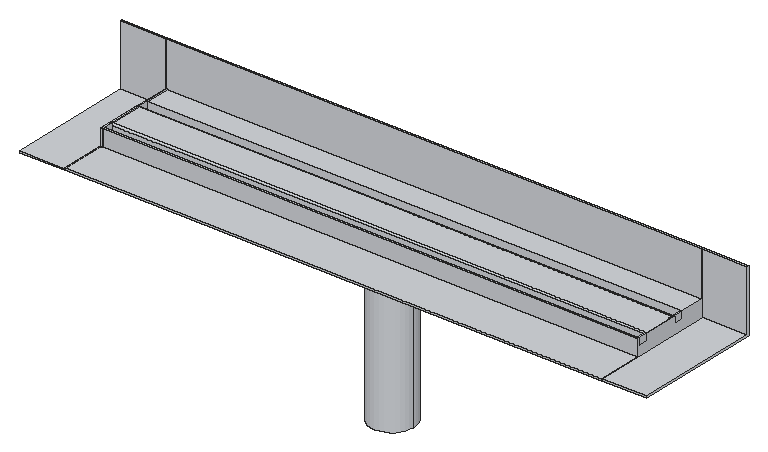
Revit family "RS775NKBNormduschrinne", category Sanitärinstallationen, Revit 2020
Family settings
  Bemaßung runder Anschluss = Durchmesser verwenden
  Teiletyp = Normal
  Arbeitsebenenbasiert = Nein
  Immer vertikal = Ja
  Beim Laden mit Abzugskörper schneiden = Nein
  Gemeinsam genutzt = Nein
  Raumberechnungspunkt = Nein
Parameters (values of type "600")
  Übergangsbride [instance] = no
  Vorgabe-Ansicht = 0 mm
  Verbindungsbügel [instance] = L Links + L Rechts  # 700 mm
  URL = "https://www.resitec.ch/"
  Rost innen ref [instance] = 10 mm
  Rinnen Tiefe [instance] = 67 mm  # constant formula
  Rinnen Breite rechts [instance] = 350 mm
  Rinnen Breite links [instance] = 350 mm
  Rand Seitlich [instance] = 50 mm
  RS_s002 = 1.8 mm
  RS_s001 = 3 mm  # constant formula
  RS_rechtsKR [instance] = L Rechts + RS_KR  # 397.5 mm
  RS_min80 [instance] = if(Rinnen Tiefe < 60 mm, 60 mm, Rinnen Tiefe)  # 67 mm
  RS_linksKR [instance] = L Links + RS_KR  # 397.5 mm
  RS_hts [instance] = 3 mm
  RS_gefun [instance] = 60 mm
  RS_gefob [instance] = 40 mm
  RS_dpschon [instance] = yes
  RS_dimmin95 [instance] = 100 mm
  RS_dimk001 = 115 mm  # constant formula
  RS_dim001 = 10 mm  # constant formula
  RS_dim002 [instance] = 20 mm  # constant formula
  RS_dim003 [instance] = 43 mm  # constant formula
  RS_dia002 = 110 mm
  RS_dia001 = 227.5 mm
  RS_breite Rand [instance] = Rand Seitlich  # 50 mm
  RS_RohrL [instance] = if(Länge Rohr < RS_gefun, ((RS_gefun + 10 mm) - RS_gefob), Länge Rohr)  # 200 mm
  RS_RinneRon [instance] = yes
  RS_RinneLon [instance] = yes
  RS_KRvorne [instance] = 82.5 mm  # constant formula
  RS_KRr [instance] = yes
  RS_KRon [instance] = Kleberand  # yes
  RS_KRl [instance] = yes
  RS_KRhinten [instance] = 60 mm  # constant formula
  RS_KR [instance] = 47.5 mm  # constant formula
  RS_HZarge [instance] = H Zarge  # 50 mm
  RS_DN2 = 0 mm
  RS_DN1d [instance] = D  # 48.5 mm
  RS_DN1 = 100 mm  # constant formula
  RS_URL = "https://resitec.ch/entwaesserungstechnik/entwaesserungsrinnen/"
  RS_Rost_Typ [instance] = ""
  RS_Manufacture = "Resitec"  # constant formula
  RS_Description [instance] = "verdeckt an Wand mit Auslaufkasten\r\n exzentrisch sowie mit Kleberand und Zarge"
  RS_Articelnumber [instance] = "Schlitzrinne"
  Länge Rohr [instance] = 200 mm
  L Rechts Innen ref [instance] = L Rechts - RS_breite Rand  # 300 mm
  L Rechts [instance] = Rinnen Breite rechts  # 350 mm
  L Links innen ref [instance] = L Links - RS_breite Rand  # 300 mm
  L Links [instance] = Rinnen Breite links  # 350 mm
  Kleberand [instance] = yes
  Hersteller = RS_Manufacture  # "Resitec"
  H Zarge [instance] = 50 mm  # constant formula
  D [instance] = 48.5 mm
  Breite Innen ref [instance] = 12 mm  # constant formula
  Breite Aussen ref [instance] = 60 mm  # constant formula
  Description = ""
  Baugruppenkennzeichen = "D2030300"
  B [instance] = L Links + L Rechts  # 700 mm
  Anschlusswert DU L/s = 0
  A [instance] = L Links innen ref + L Rechts Innen ref  # 600 mm
Types (5, lengths in mm): name | Verbindungsbügel | Rinnen Breite rechts | Rinnen Breite links | RS_rechtsKR | RS_linksKR | L Rechts Innen ref | L Rechts | L Links innen ref | L Links | B | A
  (no name) | 700 | 350 | 350 | 397.5 | 397.5 | 300 | 350 | 300 | 350 | 700 | 600
  600 | 700 | 350 | 350 | 397.5 | 397.5 | 300 | 350 | 300 | 350 | 700 | 600
  700 | 800 | 400 | 400 | 447.5 | 447.5 | 350 | 400 | 350 | 400 | 800 | 700
  800 | 900 | 450 | 450 | 497.5 | 497.5 | 400 | 450 | 400 | 450 | 900 | 800
  900 | 1000 | 500 | 500 | 547.5 | 547.5 | 450 | 500 | 450 | 500 | 1000 | 900
Reference planes
  plane 1 "Mitte (Vorne/hinten)": y = 0
  plane 2: z = 0
  plane 3 "Mitte (Links/rechts)": x = 0
  plane 4: x = -350
  plane 5: x = 350
  plane 6: y = 30
  plane 7: y = -30
  plane 8: x = -300
  plane 9: x = 300
  plane 10 "ebeneKBlech": z = -10
  plane 11 "lvdim002": z = -20
  plane 12: y = 60
  plane 13: x = 397.5
  plane 14: y = -82.5
  plane 15: x = -397.5
  plane 16: z = -200
  plane 17: x = -299
  plane 18: x = 299
  plane 19: z = -43
  plane 20 "min80": z = -67
  plane 21: z = 50
  plane 22: y = -32.5
Forms (mm)
  Extrusion 1, solid
    sketch origin (-113.75, 233.125, 1200) x (0, 1, 0) y (0, 0, 1)
      loop
        line (-173.125, -1220) -> (-173.125, -1150) -> (-175.271, -1150) -> (-175.271, -1200) -> (-203.125, -1200) -> (-203.125, -1208.049) -> (-213.125, -1208.049) -> (-213.125, -1202.025)
        arc (-213.125, -1202.025) -> (-213.718, -1200.593) -> (-215.15, -1200) r 2.025
        line (-215.15, -1200) -> (-251.295, -1200)
        arc (-251.295, -1200) -> (-252.589, -1200.536) -> (-253.125, -1201.829) r 1.829
        line (-253.125, -1201.829) -> (-253.125, -1208.049) -> (-263.125, -1208.049) -> (-263.125, -1200) -> (-265.625, -1200) -> (-265.625, -1217.93) -> (-315.625, -1217.93) -> (-315.625, -1220) -> (-263.125, -1220) -> (-263.125, -1243) -> (-203.125, -1243) -> (-203.125, -1220) -> (-173.125, -1220)
    from -186.25 to 413.75
  Extrusion 2, solid
    sketch origin (0, 80.5, -20) x (-1, 0, 0) y (0, -1, 0)
      loop
        circle (0, 80.5) r 24.15
    from -180 to 10
  Extrusion 3, solid
    sketch origin (-300, 124.731, 1200) x (0, 1, 0) y (0, 0, 1)
      loop
        line (-64.731, -1150) -> (-66.531, -1150) -> (-66.531, -1218.2) -> (-207.231, -1218.2) -> (-207.231, -1220) -> (-64.731, -1220) -> (-64.731, -1150)
    from 0 to -50
  Extrusion 4, solid
    sketch origin (-300, 124.731, 1200) x (0, 1, 0) y (0, 0, 1)
      loop
        line (-157.231, -1200) -> (-157.231, -1218.2) -> (-66.531, -1218.2) -> (-66.531, -1200) -> (-157.231, -1200)
    from 0 to 1.8 <- "RS_s002"
  Extrusion 5, solid
    sketch origin (300, 136.272, 1200) x (0, 1, 0) y (0, 0, 1)
      loop
        line (-76.272, -1200) -> (-166.272, -1200) -> (-166.272, -1220) -> (-76.272, -1220) -> (-76.272, -1200)
    from -1.8 to 0
  Extrusion 6, solid
    sketch origin (1000, 124.731, 1200) x (0, 1, 0) y (0, 0, 1)
      loop
        line (-64.731, -1150) -> (-66.531, -1150) -> (-66.531, -1218.2) -> (-207.231, -1218.2) -> (-207.231, -1220) -> (-64.731, -1220) -> (-64.731, -1150)
    from -650 to -700
Dimensions and locks
  "L Links": plane 4 to plane 3 "Mitte (Links/rechts)"
  "L Rechts": plane 3 "Mitte (Links/rechts)" to plane 5
  equal spacing: plane 7, plane 1 "Mitte (Vorne/hinten)", plane 6
  "Breite Aussen ref": plane 6 to plane 7
  "L Links innen ref": plane 8 to plane 3 "Mitte (Links/rechts)"
  "L Rechts Innen ref": plane 3 "Mitte (Links/rechts)" to plane 9
  "RS_dim001": level to plane 10 "ebeneKBlech"
  "RS_dim002": level to plane 11 "lvdim002"
  "RS_linksKR": plane 15 to plane 3 "Mitte (Links/rechts)"
  "RS_rechtsKR": plane 3 "Mitte (Links/rechts)" to plane 13
  "RS_KRhinten": plane 1 "Mitte (Vorne/hinten)" to plane 12
  "RS_KRvorne": plane 14 to plane 1 "Mitte (Vorne/hinten)"
  locked: plane 8 to plane 17 at 1
  locked: plane 18 to plane 9 at 1
  "RS_dim003": level to plane 19
  "Länge Rohr": level to plane 16
  "RS_min80": level to plane 20 "min80"
  "RS_HZarge": plane 21 to level
  plane 12 to Extrusion 1 sketch curve = 2.146 mm
  Extrusion 1 sketch curve to plane 11 "lvdim002" = 2.07 mm
  plane 14 to plane 22 = 50 mm
  equal spacing: plane 6, Extrusion 1 sketch curve, Extrusion 1 sketch curve, Extrusion 1 sketch curve
  Extrusion 1 sketch curve to plane 10 "ebeneKBlech" = 1.951 mm  (x2)
  plane 12 to Extrusion 1 = 2.146 mm
  "RS_s002": plane 12 to Extrusion 3 sketch curve
  "RS_s002": Extrusion 3 sketch curve to plane 11 "lvdim002"
  diameter of Extrusion 2 sketch curve = 48.3 mm
  radius of Extrusion 1 sketch curve = 2.025 mm
  radius of Extrusion 1 sketch curve = 1.829 mm
  aligned and locked: level to plane 2
  aligned and locked: Extrusion 2 to plane 16
  aligned and locked: plane 12 to Extrusion 1
  aligned and locked: plane 10 "ebeneKBlech" to Extrusion 2
  aligned and locked: Extrusion 1 sketch curve to plane 6
  aligned and locked: Extrusion 3 to plane 4
  aligned and locked: Extrusion 1 to plane 8
  aligned and locked: plane 9 to Extrusion 1
  aligned and locked: Extrusion 4 sketch curve to Extrusion 1  (x2)
  aligned and locked: Extrusion 4 sketch curve to Extrusion 3
  aligned and locked: Extrusion 3 to Extrusion 4 sketch curve
  aligned and locked: Extrusion 4 to plane 8
  aligned and locked: level to Extrusion 5 sketch curve
  aligned and locked: plane 12 to Extrusion 5 sketch curve
  aligned and locked: Extrusion 1 to Extrusion 5 sketch curve
  aligned and locked: Extrusion 5 sketch curve to Extrusion 1
  aligned and locked: plane 9 to Extrusion 5
  aligned and locked: Extrusion 6 to plane 9
  aligned and locked: plane 5 to Extrusion 6
Automatic sketch dimensions
  plane 1 "Mitte (Vorne/hinten)" to Extrusion 2 sketch curve = 0 mm
  Extrusion 2 sketch curve to plane 3 "Mitte (Links/rechts)" = 0 mm
  Extrusion 3 sketch curve to plane 14 = 0 mm
  Extrusion 3 sketch curve to plane 12 = 0 mm
  Extrusion 3 sketch curve to plane 11 "lvdim002" = 0 mm
  Extrusion 3 sketch curve to plane 21 = 0 mm
  Extrusion 6 sketch curve to plane 14 = 0 mm
  Extrusion 6 sketch curve to plane 21 = 0 mm
  Extrusion 6 sketch curve to plane 12 = 0 mm
  Extrusion 6 sketch curve to plane 11 "lvdim002" = 0 mm
  Extrusion 6 sketch curve to Extrusion 6 sketch curve = 1.8 mm  (x2)
  Extrusion 1 sketch curve to plane 11 "lvdim002" = 0 mm  (x2)
  Extrusion 1 sketch curve to plane 14 = 0 mm
  Extrusion 1 sketch curve to level = 0 mm  (x3)
  Extrusion 1 sketch curve to plane 22 = 0 mm
  Extrusion 1 sketch curve to plane 7 = 0 mm  (x2)
  Extrusion 1 sketch curve to plane 6 = 0 mm
  Extrusion 1 sketch curve to plane 12 = 0 mm
  Extrusion 1 sketch curve to plane 19 = 0 mm
  Extrusion 1 sketch curve to plane 21 = 0 mm
  plane 7 to Extrusion 1 sketch curve = 10 mm
  Extrusion 1 sketch curve to plane 6 = 12.025 mm
